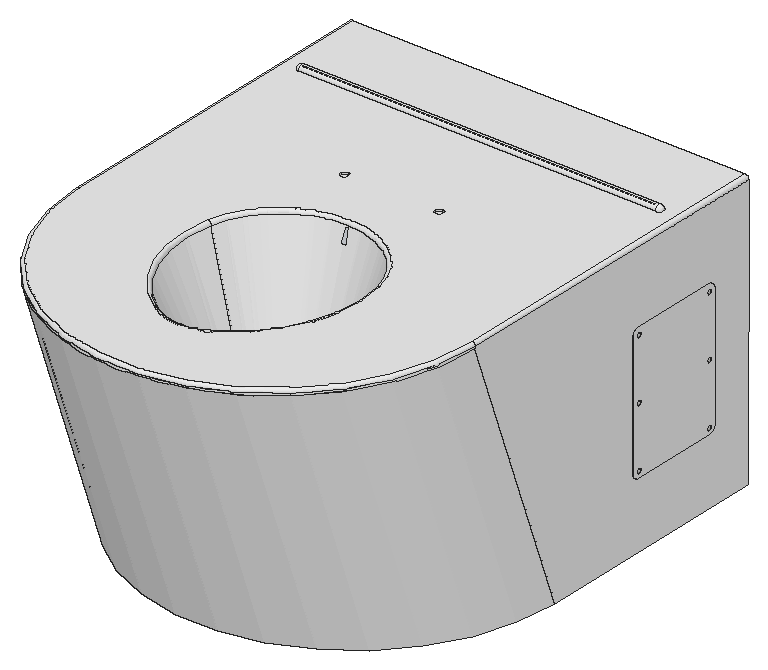
Revit family "RBA5600-001-200W", category Plumbing Fixtures, Revit 2021
Family settings
  Round Connector Dimension = Use Diameter
  Part Type = Normal
  OmniClass Number = 23.45.00.00
  OmniClass Title = Sanitary, Laundry, and Cleaning Equipment
  Work Plane-Based = No
  Always vertical = Yes
  Cut with Voids When Loaded = No
  Shared = No
  Room Calculation Point = No
Parameters
  Waste Connection = yes
  Vent Connection = no
  URL = "https://www.rba.com.au/product-category/rba-toilets/toilet-pans/"
  S Trap = yes
  P Trap = no
  Model = "RBA8851-137"
  Materials & Finishes = #304 Stainless Steel WHITE POLYURETHANE FINISH
  Manufacturer = "RBA Group"
  Keynote = "1300 788 778"
  HW Connection = no
  Description = "Bariatric Toilet"
  Default Elevation = 0 mm
  Copyrighted By = "RBA Group"
  CW Connection = yes
  Assembly Code = "1300 788 778"
Reference planes
  plane 1 "Center (Front/Back)": y = 0
  plane 2: z = 0
  plane 3 "Center (Left/Right)": x = 0
Forms (mm)
  Blend 1, solid, material "#304 Stainless Steel WHITE POLYURETHANE FINISH" <- "Materials & Finishes"
    base sketch origin (109.816, 4.418, 0) x (-1, 0, 0) y (0, -1, 0)
      loop
        line (-185.184, -315.582) -> (404.816, -315.582) -> (404.816, 42.018)
        arc (404.816, 42.018) -> (109.816, 337.018) -> (-185.184, 42.018) r 295
        line (-185.184, 42.018) -> (-185.184, -315.582)
    top sketch origin (109.816, 4.418, 0) x (-1, 0, 0) y (0, -1, 0)
      loop
        line (-185.184, -315.582) -> (404.816, -315.582) -> (404.816, 189.418)
        arc (404.816, 189.418) -> (109.816, 484.418) -> (-185.184, 189.418) r 295
        line (-185.184, 189.418) -> (-185.184, -315.582)
    from 0 to 402
  Extrusion 2, void
    sketch origin (5, 0, 0) x (1, 0, 0) y (0, 0, 1)
      loop
        line (240, 395) -> (-250, 395) -> (-250, 35) -> (240, 35) -> (240, 395)
    from -320 to -315
  Blend 3, void
    base sketch origin (5, 0, 0) x (1, 0, 0) y (0, 1, 0)
      loop
        line (285, 315) -> (-295, 315) -> (-295, -37.6)
        arc (-295, -37.6) -> (-5, -327.6) -> (285, -37.6) r 290
        line (285, -37.6) -> (285, 315)
    top sketch origin (5, 0, 0) x (1, 0, 0) y (0, 1, 0)
      loop
        line (285, 315) -> (-295, 315) -> (-295, -185)
        arc (-295, -185) -> (-5, -475) -> (285, -185) r 290
        line (285, -185) -> (285, 315)
    from 5 to 405
  Extrusion 4, void
    sketch origin (5, 0, 0) x (1, 0, 0) y (0, 0, 1)
      loop
        line (258.5, 357.5) -> (258.5, 332.5)
        arc (258.5, 332.5) -> (265, 326) -> (271.5, 332.5) r 6.5
        line (271.5, 332.5) -> (271.5, 357.5)
        arc (271.5, 357.5) -> (265, 364) -> (258.5, 357.5) r 6.5
      loop
        line (258.5, 132.5) -> (258.5, 107.5)
        arc (258.5, 107.5) -> (265, 101) -> (271.5, 107.5) r 6.5
        line (271.5, 107.5) -> (271.5, 132.5)
        arc (271.5, 132.5) -> (265, 139) -> (258.5, 132.5) r 6.5
      loop
        line (-281.5, 357.5) -> (-281.5, 332.5)
        arc (-281.5, 332.5) -> (-275, 326) -> (-268.5, 332.5) r 6.5
        line (-268.5, 332.5) -> (-268.5, 357.5)
        arc (-268.5, 357.5) -> (-275, 364) -> (-281.5, 357.5) r 6.5
      loop
        line (-281.5, 132.5) -> (-281.5, 107.5)
        arc (-281.5, 107.5) -> (-275, 101) -> (-268.5, 107.5) r 6.5
        line (-268.5, 107.5) -> (-268.5, 132.5)
        arc (-268.5, 132.5) -> (-275, 139) -> (-281.5, 132.5) r 6.5
    from -320 to -315
  Extrusion 5, solid, material "#304 Stainless Steel WHITE POLYURETHANE FINISH" <- "Materials & Finishes"
    sketch origin (0, 0, 0) x (0, 1, 0) y (0, 0, 1)
      loop
        arc (245, 100) -> (252.071, 102.929) -> (255, 110) r 10
        line (255, 110) -> (255, 290)
        arc (255, 290) -> (252.071, 297.071) -> (245, 300) r 10
        line (245, 300) -> (115, 300)
        arc (115, 300) -> (107.929, 297.071) -> (105, 290) r 10
        line (105, 290) -> (105, 110)
        arc (105, 110) -> (107.929, 102.929) -> (115, 100) r 10
        line (115, 100) -> (245, 100)
      loop
        circle (115, 200) r 2.5
      loop
        circle (115, 290) r 2.5
      loop
        circle (115, 110) r 2.5
      loop
        circle (245, 200) r 2.5
      loop
        circle (245, 290) r 2.5
      loop
        circle (245, 110) r 2.5
    from 295 to 297
  Revolve 6, solid, material "1.5mm #304 Stainless Steel Satin Finish"
    sketch origin (167.652, 115, 120.479) x (-1, 0, 0) y (0, 0, -1)
      loop
        line (-129.348, -169.521) -> (-129.348, -166.021)
        arc (-129.348, -166.021) -> (-130.44, -167.624) -> (-130.84, -169.521) r 5
        line (-130.84, -169.521) -> (-129.348, -169.521)
      axis (-129.348, -169.521) -> (-130.84, -169.521)
    angle from 0 to 360
  SweptBlend 7, solid, material "#304 Stainless Steel WHITE POLYURETHANE FINISH" <- "Materials & Finishes"
    path origin (0, 289.202, -29) x (0, 1, 0) y (0, 0, 1)
      loop
        line (-460, 434) -> (-460, 169)
    profile origin (0, -170.798, 405) x (1, 0, 0) y (0, 1, 0)
      loop
        arc (126.921, 19.406) -> (0, 122.756) -> (-126.921, 19.406) r 129.609
        arc (-126.921, 19.406) -> (-116.928, -92.231) -> (-46.815, -179.677) r 193.853
        arc (-46.815, -179.677) -> (0, -194.202) -> (46.815, -179.677) r 82.707
        arc (46.815, -179.677) -> (116.928, -92.231) -> (126.921, 19.406) r 193.853
    end profile origin (0, -170.798, 140) x (1, 0, 0) y (0, 1, 0)
      loop
        arc (-43.246, -3.246) -> (-36.089, -35.996) -> (-15.926, -62.778) r 78.522
        arc (-15.926, -62.778) -> (0, -68.684) -> (15.926, -62.778) r 24.423
        arc (15.926, -62.778) -> (36.089, -35.996) -> (43.246, -3.246) r 78.522
        arc (43.246, -3.246) -> (0, 40) -> (-43.246, -3.246) r 43.246
  SweptBlend 8, void
    path origin (0, 30, -15) x (0, 1, 0) y (0, 0, 1)
      loop
        line (-215.14, 155) -> (-215.14, 420)
    profile origin (0, -185.14, 140) x (0, -1, 0) y (1, 0, 0)
      loop
        arc (44.645, 12.665) -> (19.569, 31.545) -> (-11.097, 38.246) r 73.522
        arc (-11.097, 38.246) -> (-49.342, 0) -> (-11.097, -38.246) r 38.246
        arc (-11.097, -38.246) -> (19.569, -31.545) -> (44.645, -12.665) r 73.522
        arc (44.645, -12.665) -> (49.342, 0) -> (44.645, 12.665) r 19.423
    end profile origin (0, -185.14, 405) x (0, -1, 0) y (1, 0, 0)
      loop
        arc (-32.735, 122.025) -> (-132.098, 0) -> (-32.735, -122.025) r 124.609
        arc (-32.735, -122.025) -> (76.023, -112.29) -> (161.213, -43.985) r 188.853
        arc (161.213, -43.985) -> (174.86, 0) -> (161.213, 43.985) r 77.707
        arc (161.213, 43.985) -> (76.023, 112.29) -> (-32.735, 122.025) r 188.853
  Extrusion 9, solid, material "#304 Stainless Steel WHITE POLYURETHANE FINISH" <- "Materials & Finishes"
    sketch origin (0, 0, 0) x (1, 0, 0) y (0, 1, 0)
      loop
        arc (-295, -185) -> (0, -480) -> (295, -185) r 295
        line (295, -185) -> (295, 320) -> (-295, 320) -> (-295, -185)
      loop
        arc (-122.025, -152.405) -> (-112.29, -261.163) -> (-43.985, -346.353) r 188.853
        arc (-43.985, -346.353) -> (0, -360) -> (43.985, -346.353) r 77.707
        arc (43.985, -346.353) -> (112.29, -261.163) -> (122.025, -152.405) r 188.853
        arc (122.025, -152.405) -> (0, -53.042) -> (-122.025, -152.405) r 124.609
    from 410 to 402
  Sweep 10, solid
    path origin (0, 361.018, -46) x (0, 1, 0) y (0, 0, 1)
      loop
        line (-545.5, 186) -> (-545.5, 173)
        arc (-545.5, 173) -> (-487.5, 115) -> (-429.5, 173) r 58
        line (-429.5, 173) -> (-429.5, 186)
    profile origin (0, -126.482, 69) x (0, 0, 1) y (1, 0, 0)
      loop
        circle (0, 0) r 55
  Extrusion 11, solid
    sketch origin (0, 348.577, 205) x (1, 0, 0) y (0, 0, 1)
      loop
        circle (0, -10) r 50
      loop
        circle (0, -10) r 48
    from 248.577 to 361.684
  Sweep 12, solid
    path origin (0, 181.648, -15) x (0, 1, 0) y (0, 0, 1)
      loop
        arc (-194.755, 210) -> (-233.646, 193.891) -> (-249.755, 155) r 55
    profile origin (0, -51.998, 178.891) x (0, 0.707107, -0.707107) y (1, 0, 0)
      loop
        circle (0, 0) r 50
      loop
        circle (0, 0) r 48
  Extrusion 13, solid
    sketch origin (0, 360, -39.052) x (1, 0, 0) y (0, 0, 1)
      loop
        circle (0, 394.052) r 28
      loop
        circle (0, 394.052) r 30
    from 170 to 185
  Extrusion 14, solid
    sketch origin (0, 375, -28) x (1, 0, 0) y (0, 0, 1)
      loop
        line (50, 433) -> (50, 413) -> (52, 413) -> (52, 431) -> (70, 431) -> (70, 433) -> (50, 433)
      loop
        line (-50, 433) -> (-70, 433) -> (-70, 431) -> (-52, 431) -> (-52, 413) -> (-50, 413) -> (-50, 433)
    from 190 to 205
  Extrusion 15, solid
    sketch origin (0, 265, -15) x (1, 0, 0) y (0, 0, 1)
      loop
        line (50, 420) -> (50, 400) -> (52, 400) -> (52, 418) -> (70, 418) -> (70, 420) -> (50, 420)
      loop
        line (-50, 420) -> (-70, 420) -> (-70, 418) -> (-52, 418) -> (-52, 400) -> (-50, 400) -> (-50, 420)
    from 190 to 205
  Extrusion 16, solid
    sketch origin (0, 32.64, -15) x (0, 1, 0) y (0, 0, 1)
      loop
        line (-92.87, 398.033) -> (147.36, 337) -> (152.36, 337) -> (152.36, 417) -> (-86.763, 417) -> (-92.87, 398.033)
    from 50 to -50
  Revolve 17, solid, material "1.5mm #304 Stainless Steel Satin Finish"
    sketch origin (167.652, 115, 30.479) x (-1, 0, 0) y (0, 0, -1)
      loop
        line (-129.348, -169.521) -> (-129.348, -166.021)
        arc (-129.348, -166.021) -> (-130.44, -167.624) -> (-130.84, -169.521) r 5
        line (-130.84, -169.521) -> (-129.348, -169.521)
      axis (-129.348, -169.521) -> (-130.84, -169.521)
    angle from 0 to 360
  Revolve 18, solid, material "1.5mm #304 Stainless Steel Satin Finish"
    sketch origin (167.652, 115, -59.521) x (-1, 0, 0) y (0, 0, -1)
      loop
        line (-129.348, -169.521) -> (-129.348, -166.021)
        arc (-129.348, -166.021) -> (-130.44, -167.624) -> (-130.84, -169.521) r 5
        line (-130.84, -169.521) -> (-129.348, -169.521)
      axis (-129.348, -169.521) -> (-130.84, -169.521)
    angle from 0 to 360
  Revolve 19, solid, material "1.5mm #304 Stainless Steel Satin Finish"
    sketch origin (167.652, 245, 120.479) x (-1, 0, 0) y (0, 0, -1)
      loop
        line (-129.348, -169.521) -> (-129.348, -166.021)
        arc (-129.348, -166.021) -> (-130.44, -167.624) -> (-130.84, -169.521) r 5
        line (-130.84, -169.521) -> (-129.348, -169.521)
      axis (-129.348, -169.521) -> (-130.84, -169.521)
    angle from 0 to 360
  Revolve 20, solid, material "1.5mm #304 Stainless Steel Satin Finish"
    sketch origin (167.652, 245, 30.479) x (-1, 0, 0) y (0, 0, -1)
      loop
        line (-129.348, -169.521) -> (-129.348, -166.021)
        arc (-129.348, -166.021) -> (-130.44, -167.624) -> (-130.84, -169.521) r 5
        line (-130.84, -169.521) -> (-129.348, -169.521)
      axis (-129.348, -169.521) -> (-130.84, -169.521)
    angle from 0 to 360
  Revolve 21, solid, material "1.5mm #304 Stainless Steel Satin Finish"
    sketch origin (167.652, 245, -59.521) x (-1, 0, 0) y (0, 0, -1)
      loop
        line (-129.348, -169.521) -> (-129.348, -166.021)
        arc (-129.348, -166.021) -> (-130.44, -167.624) -> (-130.84, -169.521) r 5
        line (-130.84, -169.521) -> (-129.348, -169.521)
      axis (-129.348, -169.521) -> (-130.84, -169.521)
    angle from 0 to 360
  Extrusion 22, solid, material "#304 Stainless Steel WHITE POLYURETHANE FINISH" <- "Materials & Finishes"
    sketch origin (10, 0, 0) x (0, 1, 0) y (0, 0, -1)
      loop
        line (245, -100) -> (115, -100)
        arc (115, -100) -> (107.929, -102.929) -> (105, -110) r 10
        line (105, -110) -> (105, -290)
        arc (105, -290) -> (107.929, -297.071) -> (115, -300) r 10
        line (115, -300) -> (245, -300)
        arc (245, -300) -> (252.071, -297.071) -> (255, -290) r 10
        line (255, -290) -> (255, -110)
        arc (255, -110) -> (252.071, -102.929) -> (245, -100) r 10
      loop
        circle (115, -200) r 2.5
      loop
        circle (115, -290) r 2.5
      loop
        circle (115, -110) r 2.5
      loop
        circle (245, -200) r 2.5
      loop
        circle (245, -290) r 2.5
      loop
        circle (245, -110) r 2.5
    from 305 to 307
  Revolve 23, solid, material "1.5mm #304 Stainless Steel Satin Finish"
    sketch origin (-167.652, 115, 120.479) x (1, 0, 0) y (0, 0, 1)
      loop
        line (-129.348, 169.521) -> (-130.84, 169.521)
        arc (-130.84, 169.521) -> (-130.44, 167.624) -> (-129.348, 166.021) r 5
        line (-129.348, 166.021) -> (-129.348, 169.521)
      axis (-129.348, 169.521) -> (-130.84, 169.521)
    angle from 0 to 360
  Revolve 24, solid, material "1.5mm #304 Stainless Steel Satin Finish"
    sketch origin (-167.652, 115, 30.479) x (1, 0, 0) y (0, 0, 1)
      loop
        line (-129.348, 169.521) -> (-130.84, 169.521)
        arc (-130.84, 169.521) -> (-130.44, 167.624) -> (-129.348, 166.021) r 5
        line (-129.348, 166.021) -> (-129.348, 169.521)
      axis (-129.348, 169.521) -> (-130.84, 169.521)
    angle from 0 to 360
  Revolve 25, solid, material "1.5mm #304 Stainless Steel Satin Finish"
    sketch origin (-167.652, 115, -59.521) x (1, 0, 0) y (0, 0, 1)
      loop
        line (-129.348, 169.521) -> (-130.84, 169.521)
        arc (-130.84, 169.521) -> (-130.44, 167.624) -> (-129.348, 166.021) r 5
        line (-129.348, 166.021) -> (-129.348, 169.521)
      axis (-129.348, 169.521) -> (-130.84, 169.521)
    angle from 0 to 360
  Revolve 26, solid, material "1.5mm #304 Stainless Steel Satin Finish"
    sketch origin (-167.652, 245, 120.479) x (1, 0, 0) y (0, 0, 1)
      loop
        line (-129.348, 169.521) -> (-130.84, 169.521)
        arc (-130.84, 169.521) -> (-130.44, 167.624) -> (-129.348, 166.021) r 5
        line (-129.348, 166.021) -> (-129.348, 169.521)
      axis (-129.348, 169.521) -> (-130.84, 169.521)
    angle from 0 to 360
  Revolve 27, solid, material "1.5mm #304 Stainless Steel Satin Finish"
    sketch origin (-167.652, 245, 30.479) x (1, 0, 0) y (0, 0, 1)
      loop
        line (-129.348, 169.521) -> (-130.84, 169.521)
        arc (-130.84, 169.521) -> (-130.44, 167.624) -> (-129.348, 166.021) r 5
        line (-129.348, 166.021) -> (-129.348, 169.521)
      axis (-129.348, 169.521) -> (-130.84, 169.521)
    angle from 0 to 360
  Revolve 28, solid, material "1.5mm #304 Stainless Steel Satin Finish"
    sketch origin (-167.652, 245, -59.521) x (1, 0, 0) y (0, 0, 1)
      loop
        line (-129.348, 169.521) -> (-130.84, 169.521)
        arc (-130.84, 169.521) -> (-130.44, 167.624) -> (-129.348, 166.021) r 5
        line (-129.348, 166.021) -> (-129.348, 169.521)
      axis (-129.348, 169.521) -> (-130.84, 169.521)
    angle from 0 to 360
  Extrusion 29, void
    sketch origin (0, 0, 0) x (1, 0, 0) y (0, 1, 0)
      loop
        circle (70, 30) r 6
      loop
        circle (-70, 30) r 6
    from 410 to 408
  Revolve 30, solid, material "#304 Stainless Steel WHITE POLYURETHANE FINISH" <- "Materials & Finishes"
    sketch origin (-4.295, 27.526, 410) x (1, 0, 0) y (0, 1, 0)
      loop
        line (-265.705, 166.474) -> (-263.205, 166.474)
        arc (-263.205, 166.474) -> (-262.18, 168.949) -> (-259.705, 169.974) r 3.5
        line (-259.705, 169.974) -> (268.295, 169.974)
        arc (268.295, 169.974) -> (270.77, 168.949) -> (271.795, 166.474) r 3.5
        line (271.795, 166.474) -> (274.295, 166.474)
        arc (274.295, 166.474) -> (272.538, 170.717) -> (268.295, 172.474) r 6
        line (268.295, 172.474) -> (-259.705, 172.474)
        arc (-259.705, 172.474) -> (-263.948, 170.717) -> (-265.705, 166.474) r 6
      axis (-265.705, 166.474) -> (274.295, 166.474)
    angle from 180 to 360
  Sweep 31, void
    path in 3D
      loop
        arc (-122.025, -152.405, 410) -> (-112.29, -261.163, 410) -> (-43.985, -346.353, 410) r 188.853
        arc (-43.985, -346.353, 410) -> (0, -360, 410) -> (43.985, -346.353, 410) r 77.707
        arc (43.985, -346.353, 410) -> (112.29, -261.163, 410) -> (122.025, -152.405, 410) r 188.853
        arc (122.025, -152.405, 410) -> (0, -53.042, 410) -> (-122.025, -152.405, 410) r 124.609
    profile origin (0, -53.042, 410) x (0, -1, 0) y (0, 0, 1)
      loop
        line (0, 0) -> (-5, 0)
        arc (-5, 0) -> (-1.464, -1.464) -> (0, -5) r 5
        line (0, -5) -> (0, 0)
  Sweep 32, void
    path in 3D
      loop
        line (-295, 320, 410) -> (-295, -185, 410)
        arc (-295, -185, 410) -> (0, -480, 410) -> (295, -185, 410) r 295
        line (295, -185, 410) -> (295, 320, 410)
    profile origin (-295, 67.5, 410) x (1, 0, 0) y (0, 0, 1)
      loop
        line (0, 0) -> (0, -5)
        arc (0, -5) -> (1.464, -1.464) -> (5, 0) r 5
        line (5, 0) -> (0, 0)
  Extrusion 33, void
    sketch origin (0, 0, 0) x (1, 0, 0) y (0, 1, 0)
      loop
        arc (-90, 300) -> (-97.071, 297.071) -> (-100, 290) r 10
        line (-100, 290) -> (-100, 20)
        arc (-100, 20) -> (-97.071, 12.929) -> (-90, 10) r 10
        line (-90, 10) -> (90, 10)
        arc (90, 10) -> (97.071, 12.929) -> (100, 20) r 10
        line (100, 20) -> (100, 290)
        arc (100, 290) -> (97.071, 297.071) -> (90, 300) r 10
        line (90, 300) -> (-90, 300)
      loop
        circle (-245, 240) r 6.5
      loop
        circle (245, 240) r 6.5
      loop
        circle (125, -165) r 6.5
      loop
        line (251.5, 40) -> (251.5, 50)
        arc (251.5, 50) -> (245, 56.5) -> (238.5, 50) r 6.5
        line (238.5, 50) -> (238.5, 40)
        arc (238.5, 40) -> (245, 33.5) -> (251.5, 40) r 6.5
      loop
        line (-240, 51.5) -> (-250, 51.5)
        arc (-250, 51.5) -> (-256.5, 45) -> (-250, 38.5) r 6.5
        line (-250, 38.5) -> (-240, 38.5)
        arc (-240, 38.5) -> (-233.5, 45) -> (-240, 51.5) r 6.5
      loop
        circle (-125, -165) r 6.5
    from 5 to 0
  Extrusion 34, solid
    sketch origin (-1507.871, -73.677, 5) x (0.999045, 0.043703, 0) y (0, 0, 1)
      loop
        line (1677.395, 0) -> (1707.395, 0) -> (1707.395, 30) -> (1677.395, 30) -> (1677.395, 0)
    from 155.989 to -295.652
  Extrusion 35, solid
    sketch origin (-23.236, -126.972, 0) x (-0.999048, 0.043619, 0) y (-0.043619, -0.999048, 0)
      loop
        line (150.057, -260.859) -> (150.057, -290.859) -> (180.056, -290.859) -> (180.056, -260.859) -> (150.057, -260.859)
    from 372 to 35
  Extrusion 36, solid
    sketch origin (-23.236, -381.972, 0) x (-0.999048, 0.043619, 0) y (-0.043619, -0.999048, 0)
      loop
        line (161.201, -255.617) -> (161.201, -285.617) -> (191.201, -285.617) -> (191.201, -255.617) -> (161.201, -255.617)
    from 372 to 35
  Extrusion 37, solid
    sketch origin (1507.871, -73.677, 372) x (-0.999045, 0.043703, 0) y (0, 0, -1)
      loop
        line (1677.395, 0) -> (1677.395, -30) -> (1707.395, -30) -> (1707.395, 0) -> (1677.395, 0)
    from 344.348 to -314.296
  Extrusion 38, solid
    sketch origin (1507.871, -73.677, 5) x (-0.999045, 0.043703, 0) y (0, 0, -1)
      loop
        line (1677.395, 0) -> (1677.395, -30) -> (1707.395, -30) -> (1707.395, 0) -> (1677.395, 0)
    from 155.989 to -295.652
  Extrusion 39, solid
    sketch origin (23.236, -126.972, 0) x (0.999048, 0.043619, 0) y (-0.043619, 0.999048, 0)
      loop
        line (150.057, 260.859) -> (180.056, 260.859) -> (180.056, 290.859) -> (150.057, 290.859) -> (150.057, 260.859)
    from 372 to 35
  Extrusion 40, solid
    sketch origin (23.236, -381.972, 0) x (0.999048, 0.043619, 0) y (-0.043619, 0.999048, 0)
      loop
        line (161.201, 255.617) -> (191.201, 255.617) -> (191.201, 285.617) -> (161.201, 285.617) -> (161.201, 255.617)
    from 372 to 35
  Extrusion 41, solid
    sketch origin (-1507.871, -73.677, 372) x (0.999045, 0.043703, 0) y (0, 0, 1)
      loop
        line (1677.395, 0) -> (1707.395, 0) -> (1707.395, 30) -> (1677.395, 30) -> (1677.395, 0)
    from 344.348 to -314.296
Cuts and joins
  joined: Extrusion 11, Sweep 12
  Extrusion 2, Blend 3, Extrusion 4, SweptBlend 8, Sweep 32, Extrusion 33 cuts Blend 1
  SweptBlend 8, Sweep 32, Extrusion 33 cuts Extrusion 5
  SweptBlend 8, Sweep 32, Extrusion 33 cuts SweptBlend 7
  Extrusion 29, Sweep 31, Sweep 32, Extrusion 33 cuts Extrusion 9
  Sweep 31, Sweep 32, Extrusion 33 cuts Revolve 30
  joined: Blend 1, Extrusion 5, SweptBlend 7, Extrusion 9, Extrusion 22, Revolve 30
Lines and regions (mm)
  sketch lines
    curve 1: arc (122.025, -152.405, 410) -> (0, -53.042, 410) -> (-122.025, -152.405, 410) r 124.609
    curve 2: arc (-122.025, -152.405, 410) -> (-112.29, -261.163, 410) -> (-43.985, -346.353, 410) r 188.853
    curve 3: arc (-43.985, -346.353, 410) -> (0, -360, 410) -> (43.985, -346.353, 410) r 77.707
    curve 4: arc (43.985, -346.353, 410) -> (112.29, -261.163, 410) -> (122.025, -152.405, 410) r 188.853
    curve 5: line (-295, 320, 410) -> (-295, -185, 410)
    curve 6: arc (295, -185, 410) -> (0, -480, 410) -> (-295, -185, 410) r 295
    curve 7: line (295, -185, 410) -> (295, 320, 410)
Dimensions and locks
  aligned and locked: level to plane 2
